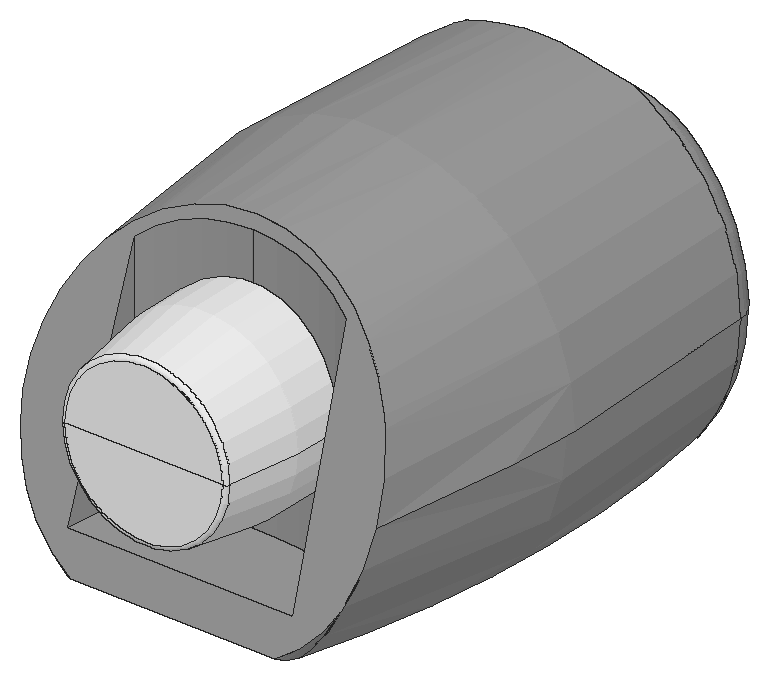
Revit family "Hand_Dryer-Bradley_Corp-Aerix-2922", category Electrical Fixtures, host Face, Revit 2012
Parameters (values of type "Stainless Steel-Satin Finish - Surface Mounted")
  recessvoid = if(Recessed, 3.85938", 0.0")  # 0.0"
  recessdryer = if(Recessed, 3.80078", 0.0")  # 0.0"
  Warranty Duration (Years) = 0
  Voltage_MEP = 120 V
  Unit Width = 9.30078"
  Unit Weight = 14.2
  Unit Length = 12.5"
  Unit Depth = 7.60156"
  URL = "http://www.bradleycorp.com"
  Surface Finish = Metal - Bradley Corporation - Stainless Steel
  Standards Conformance = "cULus   ;   CE   ;   TUV-GS   ;   IP24 Housing   ;   GreenSpec"
  Specification = ""
  Sound Pressure = "73 dB on High ; 68 dB on Medium ; 64 dB on Low"
  Sales Information = ""
  Revision = "1.0"
  Recessed = no
  Product Properties = ""
  Product Data = ""
  Mounting Height [instance] = 37.0"
  Model = "Aerix+ 2922-2874"
  Manufacturer Website = ""
  Manufacturer Phone - Toll Free = ""
  Manufacturer Phone = ""
  Manufacturer Fax = ""
  Manufacturer Address = ""
  Manufacturer = "Bradley Corporation"
  Maintenance Schedule (Months) = 0
  MEP Apparent Power = 1200 VA
  MEP Amperage = 10 A
  Keynote = "10810"
  Installation-Fabrication = ""
  Installation Phase = ""
  Hardware Finish = Metal - Bradley Corp - Chrome
  Green Building-LEED = ""
  Frequency = 60 Hz
  Frame Finish = Metal - Bradley Corporation - Brushed Stainless Steel
  Expected Lifespan (Years) = 0
  Drying Time = "10 seconds"
  Description = "Bradley Aerix+ Automatic Hand Dryer - 110-120V - 400-1200W -  78-100CFM"
  Default Elevation = 48.0"
  Cover Material = Metal - Bradley Corporation - Stainless Steel
  Copyright = "This Model Data is Property of Bradley Corporation"
  Construction Details = ""
  Automatic = yes
  Assembly Code = "C1030210"
  Air Temperature = "41 degrees above ambient room temperature"
  Air Output = "265 MPH at 100 CFM"
  Actuation = "as Specified"
  ADA Compliant = no
Types (4): name | recessvoid | recessdryer | Unit Weight | Surface Finish | Standards Conformance | Recessed | Model | Description | Default Elevation | Cover Material | ADA Compliant
  Stainless Steel-Satin Finish - Recessed with Kit | 3.85938" | 3.80078" | 11.6 | Metal - Bradley Corporation - Stainless Steel | "cULus   ;   CE   ;   TUV-GS   ;   IP24 Housing   ;   GreenSpec   ;   ADA" | yes | "Aerix+ 2922-2873" | "Bradley Aerix+ Automatic Hand Dryer with Recess Kit - 110-120V - 400-1200W -  78-100CFM" | 0.0" | Metal - Bradley Corporation - Stainless Steel | yes
  White Aluminum - Recessed with Kit | 3.85938" | 3.80078" | 11.6 | Metal - Bradley Corporation - White | "cULus   ;   CE   ;   TUV-GS   ;   IP24 Housing   ;   GreenSpec   ;   ADA" | yes | "Aerix+ 2922-2873" | "Bradley Aerix+ Automatic Hand Dryer with Recess Kit - 110-120V - 400-1200W -  78-100CFM" | 48.0" | Metal - Bradley Corporation - Aluminum | yes
  Stainless Steel-Satin Finish - Surface Mounted | 0.0" | 0.0" | 14.2 | Metal - Bradley Corporation - Stainless Steel | "cULus   ;   CE   ;   TUV-GS   ;   IP24 Housing   ;   GreenSpec" | no | "Aerix+ 2922-2874" | "Bradley Aerix+ Automatic Hand Dryer - 110-120V - 400-1200W -  78-100CFM" | 48.0" | Metal - Bradley Corporation - Stainless Steel | no
  White Aluminum - Surface Mounted | 0.0" | 0.0" | 11.6 | Metal - Bradley Corporation - White | "cULus   ;   CE   ;   TUV-GS   ;   IP24 Housing   ;   GreenSpec" | no | "Aerix+ 2922-2873" | "Bradley Aerix+ Automatic Hand Dryer - 110-120V - 400-1200W -  78-100CFM" | 48.0" | Metal - Bradley Corporation - Aluminum | no
Reference planes (in)
  plane 1 "Center (Front/Back)": y = 0.51514
  plane 2: z = 0
  plane 3 "Center (Left/Right)": x = 0
  plane 4: x = -4.65039
  plane 5: x = 4.65039
  plane 6: z = 0
  plane 7 "FF": y = -42.73486
  plane 8: z = 0
  plane 9: y = -5.73486
  plane 10: y = 6.76514
  plane 11: z = 7.60156
  plane 12: z = -3.86
  plane 13: z = 0
Forms (in)
  Extrusion 1, solid, material "Metal - Bradley Corporation - Brushed Stainless Steel" <- "Frame Finish", visible <- "Recessed"
    sketch origin (0, 0, 0) x (1, 0, 0) y (0, 1, 0)
      loop
        line (-7.5, 10.24014) -> (-7.5, -14.75986) -> (7.5, -14.75986) -> (7.5, 10.24014) -> (-7.5, 10.24014)
      loop
        line (-6.5625, 9.61514) -> (-6.5625, -14.13486) -> (6.5625, -14.13486) -> (6.5625, 9.61514) -> (-6.5625, 9.61514)
    from 0 to 0.125
  Extrusion 2, void
    sketch origin (0, 0, 0) x (1, 0, 0) y (0, 1, 0)
      loop
        line (-6.71875, 9.77139) -> (-6.71875, -14.29111) -> (6.71875, -14.29111) -> (6.71875, 9.77139) -> (-6.71875, 9.77139)
    from 0 to 12
  Extrusion 3, solid, material "Metal - Bradley Corporation - Brushed Stainless Steel" <- "Frame Finish", visible <- "Recessed"
    sketch origin (0, 0, 0) x (0, 1, 0) y (0, 0, 1)
      loop
        line (9.61514, 0) -> (-14.13486, 0)
        arc (-14.13486, 0) -> (-10.71389, -2.84159) -> (-6.38486, -3.86) r 9.71012
        line (-6.38486, -3.86) -> (7.61514, -3.86)
        arc (7.61514, -3.86) -> (9.02935, -3.27421) -> (9.61514, -1.86) r 2
        line (9.61514, -1.86) -> (9.61514, 0)
    from -6.71875 to 6.71875
  Extrusion 4, void
    sketch origin (0, 0, 0) x (0, 1, 0) y (0, 0, 1)
      loop
        arc (-14.05641, 0) -> (-10.66486, -2.79616) -> (-6.38486, -3.7975) r 9.64762
        line (-6.38486, -3.7975) -> (7.61514, -3.7975)
        arc (7.61514, -3.7975) -> (8.98516, -3.23002) -> (9.55264, -1.86) r 1.9375
        line (9.55264, -1.86) -> (9.55264, 0) -> (-14.05641, 0)
    from -6.5625 to 6.5625
  Extrusion 5, void
    sketch origin (0, 0, 0) x (1, 0, 0) y (0, 1, 0)
      loop
        line (-0.125, 0.64014) -> (-0.125, 0.39014) -> (0.125, 0.39014) -> (0.125, 0.64014) -> (-0.125, 0.64014)
    from 0 to -0.0625
Cuts and joins
  Extrusion 4, Extrusion 5 cuts Extrusion 1
  Extrusion 4, Extrusion 5 cuts Extrusion 3
  joined: Extrusion 1, Extrusion 3
Dimensions and locks (in)
  equal spacing: plane 4, plane 3 "Center (Left/Right)", plane 5
  "Unit Width": plane 4 to plane 5
  "Mounting Height": plane 9 to plane 7 "FF"
  equal spacing: plane 9, plane 1 "Center (Front/Back)", plane 10
  "Unit Length": plane 9 to plane 10
  "Unit Depth": plane 11 to plane 6
  locked: Extrusion 1 sketch curve to Extrusion 1 sketch curve at 0.625  (x2)
  locked: Extrusion 1 sketch curve to plane 9 at 8.4
  locked: Extrusion 1 sketch curve to Extrusion 1 sketch curve at 25
  locked: Extrusion 1 sketch curve to Extrusion 1 sketch curve at 15
  locked: Extrusion 1 sketch curve to Extrusion 1 sketch curve at 0.9375  (x2)
  Extrusion 1 to Extrusion 2 sketch curve to Extrusion 2 sketch curve = 0.46875" locked, 24.0625" locked
  locked: host face to plane 12 at 3.86
  Extrusion 2 sketch curve to plane 3 "Center (Left/Right)" to Extrusion 2 sketch curve = 6.71875" locked, 6.71875" locked
  "recessvoid": host face to plane 13
  "recessdryer": host face to plane 6
  Extrusion 5 sketch curve to plane 1 "Center (Front/Back)" to Extrusion 5 sketch curve = 0.125" locked, 0.125" locked
  Extrusion 5 sketch curve to plane 3 "Center (Left/Right)" to Extrusion 5 sketch curve = 0.125" locked, 0.125" locked
  locked: Extrusion 4 sketch curve to cut or joined group of Extrusion 1, Extrusion 3, Extrusion 4, Extrusion 5 at 0.0625
  locked: cut or joined group of Extrusion 1, Extrusion 3, Extrusion 4, Extrusion 5 to Extrusion 4 sketch curve at 0.07845
  aligned and locked: plane 2 to host face
  aligned and locked: level to host face
  aligned and locked: nested 1 to plane 9
  aligned and locked: Extrusion 2 to Extrusion 3
  aligned and locked: Extrusion 3 to Extrusion 2
  aligned and locked: Extrusion 4 to Extrusion 1  (x2)
  aligned and locked: plane 13 to Extrusion 2
  aligned and locked: plane 6 to nested 1
  aligned and locked: cut or joined group of Extrusion 1, Extrusion 3, Extrusion 4, Extrusion 5 to Extrusion 3 sketch curve
  aligned and locked: Extrusion 3 sketch curve to cut or joined group of Extrusion 1, Extrusion 3, Extrusion 4, Extrusion 5
Automatic sketch dimensions
  host sketch curve to host sketch curve = 96.0"  (x2)
  Extrusion 1 sketch curve to plane 4 = 1.91211"
  Extrusion 4 sketch curve to level = 0.0"
  plane 12 to Extrusion 4 sketch curve = 0.0625"
  plane 9 to Extrusion 4 sketch curve = 0.65"
  Extrusion 4 sketch curve to plane 10 = 0.85"
  Extrusion 3 sketch curve to level = 0.0"
  Extrusion 3 sketch curve to plane 12 = 0.0"
  plane 9 to Extrusion 3 sketch curve = 0.65"
  Extrusion 3 sketch curve to plane 10 = 0.85"
Nested families (in)
  nested 1: "Aerix-2922" at (0, -5.73486, 0) x (1, 0, 0) z (0, 1, 0), type "2922"
Connectors (in)
  electrical at (0, 0.51514, 0)
    settings: on nested 1, index 1, voltage 0 V, apparent load 0 VA, apparent load phase1 0 VA, apparent load phase2 0 VA, apparent load phase3 0 VA, power factor 1, load classification "Other", number of poles 1, system type 31, power factor state 1, is connector primary yes, connector utility no, sub classification motor no, connector description ""
Definition of nested family "Aerix-2922"
  Parameters (values of type "2922")
    Hardware Finish = Metal - Bradley Corp - Chrome
    Default Elevation = 0.0"
    Cover = Metal - Bradley Corporation - White
    Assembly Code = ""
  Reference planes (in)
    plane 1 "Center (Front/Back)": y = 0
    plane 2: z = 0
    plane 3 "Center (Left/Right)": x = 0
    plane 4: x = -4.65
    plane 5: x = 4.65
    plane 6: z = 12.5
    plane 7: y = -2.95
    plane 8: y = -7.6
    plane 9: z = 0
    plane 10: z = 0.75
  Forms (in)
    Revolve 1, solid, material "Metal - Bradley Corporation - White" <- "Cover"
      sketch origin (0, -2.95, 0) x (1, 0, 0) y (0, 0, 1)
        loop
          arc (-4.38627, 11.68166) -> (-4.62693, 6.39739) -> (-3.97591, 1.14786) r 31.35642
          arc (-3.97591, 1.14786) -> (-3.8132, 0.87238) -> (-3.51679, 0.75194) r 0.5
          line (-3.51679, 0.75194) -> (0, 0.75194) -> (0, 12.5) -> (-3.454, 12.5)
          arc (-3.454, 12.5) -> (-4.07425, 12.26639) -> (-4.38627, 11.68166) r 0.94019
        axis (0, 0.75194) -> (0, 12.5)
      angle from 0 to 360
    Extrusion 2, void
      sketch origin (0, 0, 0) x (1, 0, 0) y (0, 1, 0)
        loop
          line (-4.65, 0) -> (4.65, 0) -> (4.65, 3) -> (-4.65, 3) -> (-4.65, 0)
      from 0 to 14.00524
    Revolve 3, solid, material "Metal - Bradley Corp - Chrome" <- "Hardware Finish"
      sketch origin (0, -3.7625, 0) x (1, 0, 0) y (0, 0, 1)
        loop
          line (0, 3.41722) -> (-2.18538, 3.41722)
          arc (-2.18538, 3.41722) -> (-2.17183, 1.74309) -> (-1.91952, 0.08804) r 11.70193
          arc (-1.91952, 0.08804) -> (-1.87983, 0.02471) -> (-1.80929, 0) r 0.11302
          line (-1.80929, 0) -> (0, 0) -> (0, 3.41722)
        axis (0, 3.41722) -> (0, 0)
      angle from 0 to 360
    Extrusion 4, void
      sketch origin (0, 0, 0) x (1, 0, 0) y (0, 0, 1)
        loop
          line (-2.44203, 2.77409) -> (-2.64248, 0.48292) -> (2.64248, 0.48292) -> (2.44203, 2.77409)
          spline (2.44203, 2.77409) -> (2.2987, 2.82638) -> (2.1404, 2.87535) -> (1.96818, 2.92066) -> (1.78315, 2.96204) -> (1.58652, 2.99921) -> (1.37956, 3.03193) -> (1.16363, 3.05998) -> (0.94012, 3.08318) -> (0.71049, 3.10139) -> (0.47625, 3.11448) -> (0.2389, 3.12236) -> (0, 3.125)
          spline (0, 3.125) -> (-0.2389, 3.12236) -> (-0.47625, 3.11448) -> (-0.71049, 3.10139) -> (-0.94012, 3.08318) -> (-1.16363, 3.05998) -> (-1.37956, 3.03193) -> (-1.58652, 2.99921) -> (-1.78315, 2.96204) -> (-1.96818, 2.92066) -> (-2.1404, 2.87535) -> (-2.2987, 2.82638) -> (-2.44203, 2.77409)
      from 0.86988 to 8.20424
    Extrusion 5, void
      sketch origin (0, 0.08582, 0.15626) x (0, 1, 0) y (0, 0, 1)
        loop
          line (-7.9557, 3.34628) -> (-7.9557, 0.5) -> (0.77258, 0.5)
          arc (0.77258, 0.5) -> (-3.67474, 1.66808) -> (-7.9557, 3.34628) r 39.40544
      from -6.11263 to 6.03297
    Extrusion 6, void
      sketch origin (0, 1.23061, 1.97267) x (1, 0, 0) y (0, -0.052336, 0.99863)
        loop
          line (0, 9.9375) -> (0.875, 9.9375)
          arc (0.875, 9.9375) -> (2.80074, 10.67109) -> (3.75033, 12.5) r 2.89443
          line (3.75033, 12.5) -> (-3.75033, 12.5)
          arc (-3.75033, 12.5) -> (-2.80074, 10.67109) -> (-0.875, 9.9375) r 2.89443
          line (-0.875, 9.9375) -> (0, 9.9375)
      from 0 to 12
  Cuts and joins
    Extrusion 2, Extrusion 4, Extrusion 5, Extrusion 6 cuts Revolve 1
  Lines and regions (in)
    Masking region 1
      outline origin (0, 0, 0) x (1, 0, 0) y (0, 0, 1)
        loop
          line (-2.69001, 12.5) -> (-3.65, 12.5)
          arc (-3.65, 12.5) -> (-4.23497, 12.06682) -> (-4.44028, 11.36849) r 1.14414
          arc (-4.44028, 11.36849) -> (-4.6306, 6.48109) -> (-4.072, 1.62199) r 31.9208
          spline (-4.072, 1.62199) -> (-4.06087, 1.57733) -> (-4.04442, 1.53335) -> (-4.02267, 1.4901) -> (-3.99566, 1.44764) -> (-3.96341, 1.40601) -> (-3.92597, 1.36527) -> (-3.88337, 1.32546) -> (-3.83568, 1.28665) -> (-3.78295, 1.24886) -> (-3.72525, 1.21216) -> (-3.66264, 1.17658) -> (-3.59521, 1.14217)
          spline (-3.59521, 1.14217) -> (-3.5214, 1.10905) -> (-3.44139, 1.07715) -> (-3.35537, 1.04652) -> (-3.26352, 1.01725) -> (-3.16605, 0.98939) -> (-3.06319, 0.96301) -> (-2.95516, 0.93817) -> (-2.84221, 0.91492) -> (-2.72459, 0.89332) -> (-2.60256, 0.87342) -> (-2.47641, 0.85525) -> (-2.3464, 0.83887)
          line (-2.3464, 0.83887) -> (-2.0665, 0.83887)
          arc (-2.0665, 0.83887) -> (-2.00301, 0.46957) -> (-1.92864, 0.10232) r 12.6787
          arc (-1.92864, 0.10232) -> (-1.88318, 0.02876) -> (-1.80162, 0) r 0.13
          line (-1.80162, 0) -> (1.80162, 0)
          arc (1.80162, 0) -> (1.88318, 0.02876) -> (1.92864, 0.10232) r 0.13
          arc (1.92864, 0.10232) -> (2.00301, 0.46957) -> (2.0665, 0.83887) r 12.6787
          line (2.0665, 0.83887) -> (2.3464, 0.83887)
          spline (2.3464, 0.83887) -> (2.47641, 0.85525) -> (2.60256, 0.87342) -> (2.72459, 0.89332) -> (2.84221, 0.91492) -> (2.95516, 0.93817) -> (3.06319, 0.96301) -> (3.16605, 0.98939) -> (3.26352, 1.01725) -> (3.35537, 1.04652) -> (3.44139, 1.07715) -> (3.5214, 1.10905) -> (3.59521, 1.14217)
          spline (3.59521, 1.14217) -> (3.66264, 1.17658) -> (3.72525, 1.21216) -> (3.78295, 1.24886) -> (3.83568, 1.28665) -> (3.88337, 1.32546) -> (3.92597, 1.36527) -> (3.96341, 1.40601) -> (3.99566, 1.44764) -> (4.02267, 1.4901) -> (4.04442, 1.53335) -> (4.06087, 1.57733) -> (4.072, 1.62199)
          arc (4.072, 1.62199) -> (4.6306, 6.48109) -> (4.44028, 11.36849) r 31.9208
          arc (4.44028, 11.36849) -> (4.23497, 12.06682) -> (3.65, 12.5) r 1.14414
          line (3.65, 12.5) -> (2.69001, 12.5)
          arc (2.69001, 12.5) -> (1.83925, 12.02487) -> (0.87896, 11.85931) r 2.89172
          line (0.87896, 11.85931) -> (0, 11.85931) -> (-0.87896, 11.85931)
          arc (-0.87896, 11.85931) -> (-1.83925, 12.02487) -> (-2.69001, 12.5) r 2.89172
    Masking region 2
      outline origin (0, 0, 0) x (0, 1, 0) y (0, 0, 1)
        loop
          line (0, 0.83887) -> (0, 12.38985)
          arc (0, 12.38985) -> (-0.42265, 12.47235) -> (-0.85238, 12.5) r 3.35318
          line (-0.85238, 12.5) -> (-2.95, 12.5) -> (-4.72924, 12.5)
          spline (-4.72924, 12.5) -> (-4.95656, 12.49153) -> (-5.18065, 12.4673) -> (-5.40187, 12.4275) -> (-5.61786, 12.37302) -> (-5.82575, 12.30511) -> (-6.02332, 12.22582) -> (-6.20856, 12.13755) -> (-6.37975, 12.04351) -> (-6.53548, 11.94718) -> (-6.67539, 11.85253) -> (-6.79945, 11.76327) -> (-6.90779, 11.68166)
          spline (-6.90779, 11.68166) -> (-6.94786, 11.65075) -> (-6.98636, 11.62228) -> (-7.02323, 11.59627) -> (-7.05842, 11.57278) -> (-7.0919, 11.55182) -> (-7.1236, 11.53343) -> (-7.1535, 11.51762) -> (-7.18155, 11.50443) -> (-7.20772, 11.49387) -> (-7.23196, 11.48595) -> (-7.25426, 11.48068) -> (-7.27456, 11.47807)
          line (-7.27456, 11.47807) -> (-7.36277, 11.47344)
          arc (-7.36277, 11.47344) -> (-7.62348, 7.35555) -> (-7.29393, 3.2426) r 28.84219
          arc (-7.29393, 3.2426) -> (-6.63542, 2.95885) -> (-5.97184, 2.68713) r 39.40544
          arc (-5.97184, 2.68713) -> (-5.90797, 1.38369) -> (-5.68403, 0.09804) r 10.57423
          arc (-5.68403, 0.09804) -> (-5.64771, 0.02784) -> (-5.57373, 0) r 0.11022
          line (-5.57373, 0) -> (-1.95032, 0)
          arc (-1.95032, 0) -> (-1.88716, 0.01936) -> (-1.84642, 0.07136) r 0.11022
          arc (-1.84642, 0.07136) -> (-1.72313, 0.6537) -> (-1.63279, 1.24205) r 10.57423
          arc (-1.63279, 1.24205) -> (-0.81855, 1.03175) -> (0, 0.83887) r 39.40544
    Masking region 3
      outline origin (0, 0, 0) x (1, 0, 0) y (0, 1, 0)
        loop
          arc (-3.59444, 0) -> (0, -7.6) -> (3.59444, 0) r 4.65
          line (3.59444, 0) -> (-3.59444, 0)
    symbolic lines
      curve 1: line (-4.07208, 0, 1.62199) -> (4.07208, 0, 1.62199)
      curve 17: arc (0, -1.63963, 1.24389) -> (0, -3.82476, 1.90207) -> (0, -5.96811, 2.68564) r 39.40544
    symbolic lines, detail levels medium+fine
      curve 2: arc (-2.06133, 0, 0.83563) -> (-2.17754, 0, 1.84306) -> (-2.20325, 0, 2.85685) r 11.33642
      curve 3: arc (2.06133, 0, 0.83563) -> (2.17776, 0, 1.84632) -> (2.20312, 0, 2.86339) r 11.33642
      curve 4: arc (-2.20312, 0, 2.86339) -> (0, 0, 3.125) -> (2.20312, 0, 2.86339) r 9.4074
      curve 5: line (-2.44203, 0, 2.77409) -> (-2.59336, 0, 1.04446)
      curve 6: line (-2.59336, 0, 1.04446) -> (-2.09295, 0, 1.04446)
      curve 7: line (2.59336, 0, 1.04446) -> (2.44203, 0, 2.77409)
      curve 8: spline (-2.20325, 0, 2.85685) -> (-2.22463, 0, 2.85029) -> (-2.24575, 0, 2.84366) -> (-2.26661, 0, 2.83697) -> (-2.2872, 0, 2.83022) -> (-2.30752, 0, 2.82341) -> (-2.32757, 0, 2.81653) -> (-2.34735, 0, 2.8096) -> (-2.36685, 0, 2.80261) -> (-2.38607, 0, 2.79557) -> (-2.40501, 0, 2.78847) -> (-2.42366, 0, 2.78131) -> (-2.44203, 0, 2.77409)
      curve 9: spline (2.20325, 0, 2.85685) -> (2.22463, 0, 2.85029) -> (2.24575, 0, 2.84366) -> (2.26661, 0, 2.83697) -> (2.2872, 0, 2.83022) -> (2.30752, 0, 2.82341) -> (2.32757, 0, 2.81653) -> (2.34735, 0, 2.8096) -> (2.36685, 0, 2.80261) -> (2.38607, 0, 2.79557) -> (2.40501, 0, 2.78847) -> (2.42366, 0, 2.78131) -> (2.44203, 0, 2.77409)
      curve 10: line (2.09295, 0, 1.04446) -> (2.59336, 0, 1.04446)
      curve 11: spline (0, 0, 11.47344) -> (-0.07341, 0, 11.47348) -> (-0.14679, 0, 11.47357) -> (-0.22014, 0, 11.47373) -> (-0.29342, 0, 11.47396) -> (-0.36663, 0, 11.47425) -> (-0.43972, 0, 11.4746) -> (-0.5127, 0, 11.47502) -> (-0.58553, 0, 11.4755) -> (-0.65819, 0, 11.47605) -> (-0.73067, 0, 11.47666) -> (-0.80295, 0, 11.47733) -> (-0.875, 0, 11.47807)
      curve 12: line (-1.89083, 0, 11.68166) -> (-2.96048, 0, 12.5)
      curve 13: spline (-0.875, 0, 11.47807) -> (-0.96521, 0, 11.48154) -> (-1.0548, 0, 11.48752) -> (-1.14365, 0, 11.496) -> (-1.23164, 0, 11.50696) -> (-1.31865, 0, 11.52039) -> (-1.40457, 0, 11.53627) -> (-1.48928, 0, 11.55459) -> (-1.57267, 0, 11.57531) -> (-1.65463, 0, 11.59841) -> (-1.73504, 0, 11.62385) -> (-1.81381, 0, 11.65162) -> (-1.89083, 0, 11.68166)
      curve 14: spline (1.89083, 0, 11.68166) -> (1.81362, 0, 11.65075) -> (1.73469, 0, 11.62228) -> (1.65415, 0, 11.59627) -> (1.5721, 0, 11.57278) -> (1.48866, 0, 11.55182) -> (1.40393, 0, 11.53343) -> (1.31803, 0, 11.51762) -> (1.23107, 0, 11.50443) -> (1.14317, 0, 11.49387) -> (1.05445, 0, 11.48595) -> (0.96502, 0, 11.48068) -> (0.875, 0, 11.47807)
      curve 15: line (2.96048, 0, 12.5) -> (1.89083, 0, 11.68166)
      curve 16: spline (0.875, 0, 11.47807) -> (0.80295, 0, 11.47733) -> (0.73067, 0, 11.47666) -> (0.65819, 0, 11.47605) -> (0.58553, 0, 11.4755) -> (0.5127, 0, 11.47502) -> (0.43972, 0, 11.4746) -> (0.36663, 0, 11.47425) -> (0.29342, 0, 11.47396) -> (0.22014, 0, 11.47373) -> (0.14679, 0, 11.47357) -> (0.07341, 0, 11.47348) -> (0, 0, 11.47344)
      curve 18: arc (-2.74411, -0.85238, 0) -> (-2.80714, -1.90109, 0) -> (-2.86667, -2.95, 0) r 315.32884
      curve 19: arc (-2.86667, -2.95, 0) -> (-2.91465, -3.83956, 0) -> (-2.96048, -4.72924, 0) r 370.92922
      curve 20: line (-2.96048, -4.72924, 0) -> (-1.89083, -6.90779, 0)
      curve 21: spline (-1.89083, -6.90779, 0) -> (-1.81381, -6.94888, 0) -> (-1.73504, -6.98821, 0) -> (-1.65463, -7.02574, 0) -> (-1.57267, -7.0614, 0) -> (-1.48928, -7.09515, 0) -> (-1.40457, -7.12695, 0) -> (-1.31865, -7.15676, 0) -> (-1.23164, -7.18453, 0) -> (-1.14365, -7.21023, 0) -> (-1.0548, -7.23382, 0) -> (-0.96521, -7.25528, 0) -> (-0.875, -7.27456, 0)
      curve 22: spline (-2.54422, 0, 0) -> (-2.57194, -0.06672, 0) -> (-2.59774, -0.1345, 0) -> (-2.62157, -0.20324, 0) -> (-2.64342, -0.27289, 0) -> (-2.66325, -0.34334, 0) -> (-2.68105, -0.41453, 0) -> (-2.69679, -0.48637, 0) -> (-2.71046, -0.55877, 0) -> (-2.72204, -0.63166, 0) -> (-2.73151, -0.70495, 0) -> (-2.73887, -0.77855, 0) -> (-2.74411, -0.85238, 0)
      curve 23: spline (0, -7.36277, 0) -> (-0.07341, -7.36215, 0) -> (-0.14679, -7.36031, 0) -> (-0.22014, -7.35724, 0) -> (-0.29342, -7.35294, 0) -> (-0.36663, -7.34741, 0) -> (-0.43972, -7.34066, 0) -> (-0.5127, -7.33269, 0) -> (-0.58553, -7.32349, 0) -> (-0.65819, -7.31308, 0) -> (-0.73067, -7.30145, 0) -> (-0.80295, -7.28861, 0) -> (-0.875, -7.27456, 0)
      curve 24: arc (2.74411, -0.85238, 0) -> (2.80714, -1.90109, 0) -> (2.86667, -2.95, 0) r 315.32884
      curve 25: arc (2.86667, -2.95, 0) -> (2.91465, -3.83956, 0) -> (2.96048, -4.72924, 0) r 370.92922
      curve 26: line (2.96048, -4.72924, 0) -> (1.89083, -6.90779, 0)
      curve 27: spline (1.89083, -6.90779, 0) -> (1.81381, -6.94888, 0) -> (1.73504, -6.98821, 0) -> (1.65463, -7.02574, 0) -> (1.57267, -7.0614, 0) -> (1.48928, -7.09515, 0) -> (1.40457, -7.12695, 0) -> (1.31865, -7.15676, 0) -> (1.23164, -7.18453, 0) -> (1.14365, -7.21023, 0) -> (1.0548, -7.23382, 0) -> (0.96521, -7.25528, 0) -> (0.875, -7.27456, 0)
      curve 28: spline (2.54422, 0, 0) -> (2.57194, -0.06672, 0) -> (2.59774, -0.1345, 0) -> (2.62157, -0.20324, 0) -> (2.64342, -0.27289, 0) -> (2.66325, -0.34334, 0) -> (2.68105, -0.41453, 0) -> (2.69679, -0.48637, 0) -> (2.71046, -0.55877, 0) -> (2.72204, -0.63166, 0) -> (2.73151, -0.70495, 0) -> (2.73887, -0.77855, 0) -> (2.74411, -0.85238, 0)
      curve 29: spline (0, -7.36277, 0) -> (0.07341, -7.36215, 0) -> (0.14679, -7.36031, 0) -> (0.22014, -7.35724, 0) -> (0.29342, -7.35294, 0) -> (0.36663, -7.34741, 0) -> (0.43972, -7.34066, 0) -> (0.5127, -7.33269, 0) -> (0.58553, -7.32349, 0) -> (0.65819, -7.31308, 0) -> (0.73067, -7.30145, 0) -> (0.80295, -7.28861, 0) -> (0.875, -7.27456, 0)
  Dimensions and locks (in)
    plane 4 to plane 5 = 9.3"
    plane 6 to plane 2 = 12.5"
    aligned and locked: Extrusion 2 sketch curve to plane 4
    aligned and locked: plane 5 to Extrusion 2 sketch curve
    aligned and locked: Revolve 3 sketch curve to plane 3 "Center (Left/Right)"
    aligned and locked: Revolve 3 sketch curve to plane 2
